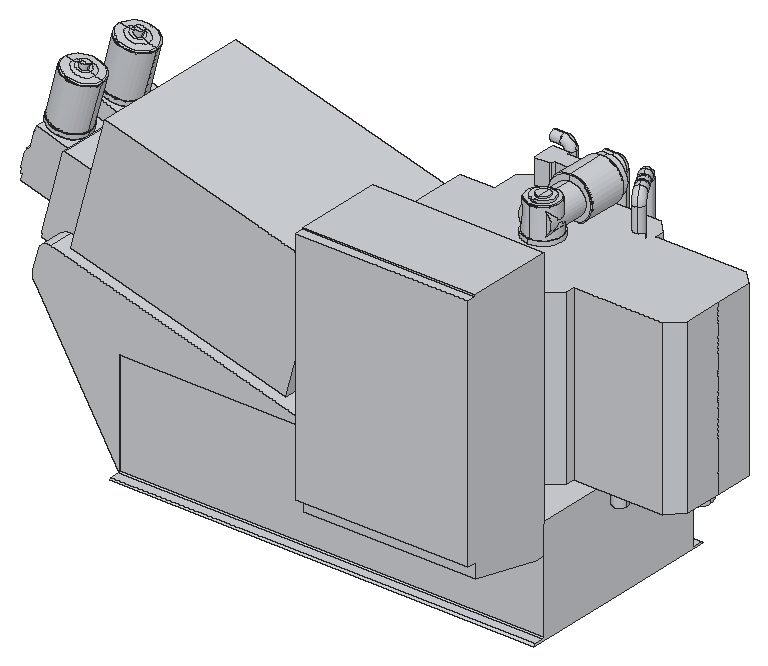
Revit family "Обезвоживатель", category Оборудование, Revit 2020
Family settings
  Размер круглого соединителя = Использовать диаметр
  Классификация = Нет
  Тип детали = Нормальный
  На основе рабочей плоскости = Нет
  Всегда вертикально = Да
  При загрузке вырезать с полостями = Нет
  Общий = Нет
  Точка расчета площади = Нет
Parameters
  Отметка по умолчанию = 0 mm
  ADSK_Примечание = ""
  ADSK_Позиция = "15"
  ADSK_Наименование = "Шнековый обезвоживатель осадка Q=1,5 м3/ч"
  ADSK_Масса_Текст = "425"
  ADSK_Завод-изготовитель = "ООО \"НПК \"Акватроник\""
  ADSK_Единица измерения = "шт."
Reference planes
  plane 1 "По центру (Вперед/Назад)": y = 0
  plane 2: z = 0
  plane 3 "По центру (Влево/Вправо)": x = 0
Forms (mm)
  Extrusion 1, solid
    sketch origin (0, 0, 0) x (0, 1, 0) y (0, 0, 1)
      loop
        line (0, 0) -> (307.672, 0) -> (302.485, 4.671) -> (274.395, 4.671) -> (270.892, 9.341) -> (270.892, 310.591) -> (0, 310.591) -> (-270.892, 310.591) -> (-270.892, 9.341) -> (-274.395, 4.671) -> (-302.485, 4.671) -> (-307.672, 0) -> (0, 0)
    from -1236.527 to 0
  Extrusion 2, solid
    sketch origin (0, 0, 0) x (1, 0, 0) y (0, 0, 1)
      loop
        line (-1236.527, 0) -> (-1236.527, 310.591) -> (-638.088, 310.591) -> (-1437.071, 524.678)
        arc (-1437.071, 524.678) -> (-1459.835, 521.681) -> (-1473.813, 503.465) r 30
        line (-1473.813, 503.465) -> (-1489.594, 444.568)
        arc (-1489.594, 444.568) -> (-1490.567, 428.642) -> (-1485.237, 413.602) r 40
        line (-1485.237, 413.602) -> (-1236.527, 0)
    from -270.892 to 270.892
  Extrusion 3, solid
    sketch origin (0, 0, 0) x (1, 0, 0) y (0, 0, 1)
      loop
        line (-1306.585, 885.069) -> (-1405.324, 516.172) -> (-777.281, 347.888) -> (-678.397, 716.929) -> (-1306.585, 885.069)
    from -238.782 to 238.782
  Extrusion 4, solid
    sketch origin (0, 0, 0) x (0, 1, 0) y (0, 0, 1)
      loop
        line (-270.892, 220.683) -> (-270.892, 1012.341) -> (-524.269, 1012.341) -> (-524.269, 1008.838) -> (-548.789, 1008.838) -> (-548.789, 312.893) -> (-520.766, 312.893) -> (-520.766, 310.591) -> (-520.766, 270.892) -> (-300.083, 220.683) -> (-270.892, 220.683)
    from -500.146 to 0
  Extrusion 5, solid
    sketch origin (0, 0, 0) x (1, 0, 0) y (0, 1, 0)
      loop
        line (-540.616, 0) -> (-540.616, -97.497) -> (-538.28, -99.833) -> (-441.367, -99.833) -> (-441.367, -175.729) -> (-400.551, -215.378) -> (-50.208, -215.429) -> (-10.509, -175.729) -> (-10.509, -150.041) -> (249.874, -150.041) -> (289.574, -110.342) -> (289.574, 0) -> (289.574, 110.342) -> (249.874, 150.041) -> (-10.509, 150.041) -> (-10.509, 175.729) -> (-50.208, 215.429) -> (-400.551, 215.378) -> (-441.367, 175.729) -> (-441.367, 99.833) -> (-538.28, 99.833) -> (-540.616, 97.497) -> (-540.616, 0)
    from 363.135 to 864.051
  Extrusion 6, solid
    sketch origin (0, 0, 0) x (1, 0, 0) y (0, 1, 0)
      loop
        circle (84.07, -99.833) r 20
    from 310.591 to 565.136
  Extrusion 7, solid
    sketch origin (0, 0, 0) x (1, 0, 0) y (0, 1, 0)
      loop
        circle (189.39, 49.739) r 40
    from 297.747 to 462.384
  Revolve 8, solid
    sketch origin (-215, 0, 0) x (0, 1, 0) y (0, 0, 1)
      loop
        line (-170.475, 900.248) -> (-170.475, 860.548) -> (-123.735, 860.548) -> (-123.735, 893.242) -> (-131.943, 900.248) -> (-170.475, 900.248)
      axis (-170.475, 900.248) -> (-170.475, 860.548)
    angle from 0 to 360
  Revolve 9, solid
    sketch origin (-220, 0, 0) x (0, 1, 0) y (0, 0, 1)
      loop
        line (0, 971.474) -> (-19.85, 971.474) -> (-19.85, 969.138) -> (-32.694, 969.138) -> (-32.694, 963.3) -> (-45.538, 963.3) -> (-45.538, 959.797) -> (-47.873, 959.797) -> (-50.208, 875.728) -> (-54.879, 875.728) -> (-54.879, 864.051) -> (0, 864.051) -> (0, 971.474)
      axis (0, 864.051) -> (0, 971.474)
    angle from 0 to 360
  Extrusion 10, solid
    sketch origin (0, 0, 25) x (1, 0, 0) y (0, 0, 1)
      loop
        line (-1509.653, 527.745) -> (-1466.289, 689.582) -> (-1566.704, 719.179) -> (-1570.471, 705.252) -> (-1572.807, 706.42) -> (-1587.347, 652.666) -> (-1594.992, 653.877) -> (-1598.872, 638.886) -> (-1600.83, 639.865) -> (-1612.506, 596.662) -> (-1610.171, 596.662) -> (-1613.674, 581.483) -> (-1607.225, 579.176) -> (-1611.384, 563.992) -> (-1608.677, 562.73) -> (-1609.003, 561.633) -> (-1523.057, 536.081) -> (-1524.243, 531.654) -> (-1509.653, 527.745)
    from -184.272 to -38.229
  Revolve 11, solid
    sketch origin (0, 107.785, 25) x (1, 0, 0) y (0, 0, 1)
      loop
        line (-1530.174, 704.859) -> (-1481.731, 885.652) -> (-1493.407, 888.571) -> (-1496.91, 873.392) -> (-1506.251, 875.727) -> (-1518.749, 875.727) -> (-1539.747, 879.43) -> (-1543.576, 877.49) -> (-1543.576, 874.248) -> (-1544.783, 874.56) -> (-1579.812, 739.114) -> (-1579.812, 737.946) -> (-1582.148, 737.946) -> (-1585.706, 725.148) -> (-1584.483, 724.789) -> (-1583.315, 720.432) -> (-1530.174, 704.859)
      axis (-1481.731, 885.652) -> (-1530.174, 704.859)
    angle from 0 to 360
  Revolve 12, solid
    sketch origin (0, -90, 25) x (1, 0, 0) y (0, 0, 1)
      loop
        line (-1530.174, 704.859) -> (-1481.731, 885.652) -> (-1493.407, 888.571) -> (-1496.91, 873.392) -> (-1506.251, 875.727) -> (-1518.749, 875.727) -> (-1539.747, 879.43) -> (-1543.576, 877.49) -> (-1543.576, 874.248) -> (-1544.783, 874.56) -> (-1579.812, 739.114) -> (-1579.812, 737.946) -> (-1582.148, 737.946) -> (-1585.706, 725.148) -> (-1584.483, 724.789) -> (-1583.315, 720.432) -> (-1530.174, 704.859)
      axis (-1481.731, 885.652) -> (-1530.174, 704.859)
    angle from 0 to 360
  Extrusion 13, solid
    sketch origin (0, 0, 25) x (1, 0, 0) y (0, 0, 1)
      loop
        line (-1509.653, 527.745) -> (-1466.289, 689.582) -> (-1566.704, 719.179) -> (-1570.471, 705.252) -> (-1572.807, 706.42) -> (-1587.347, 652.666) -> (-1594.992, 653.877) -> (-1598.872, 638.886) -> (-1600.83, 639.865) -> (-1612.506, 596.662) -> (-1610.171, 596.662) -> (-1613.674, 581.483) -> (-1607.225, 579.176) -> (-1611.384, 563.992) -> (-1608.677, 562.73) -> (-1609.003, 561.633) -> (-1523.057, 536.081) -> (-1524.243, 531.654) -> (-1509.653, 527.745)
    from 15.763 to 161.718
  Extrusion 14, solid
    sketch origin (0, 0, 25) x (1, 0, 0) y (0, 0, 1)
      loop
        line (-1355.626, 677.229) -> (-1457.048, 704.405) -> (-1463.162, 704.405) -> (-1523.766, 474.06) -> (-1523.766, 471.68) -> (-1520.216, 470.746) -> (-1522.723, 461.216) -> (-1420.823, 433.912) -> (-1355.626, 677.229)
    from -195.579 to 195.579
  Revolve 15, solid
    sketch origin (0, 100, 25) x (1, 0, 0) y (0, 0, 1)
      loop
        line (-642.2, 360.276) -> (-634.913, 382.704) -> (-636.211, 384.001) -> (-669.003, 393.404) -> (-664.051, 410.674) -> (-665.334, 411.957) -> (-673.577, 414.958) -> (-669.411, 429.487) -> (-749.655, 450.989) -> (-765.255, 392.771) -> (-642.2, 360.276)
      axis (-640.924, 359.939) -> (-765.255, 392.771)
    angle from 0 to 360
  Revolve 16, solid
    sketch origin (0, -100, 25) x (1, 0, 0) y (0, 0, 1)
      loop
        line (-642.2, 360.276) -> (-634.913, 382.704) -> (-636.211, 384.001) -> (-669.003, 393.404) -> (-664.051, 410.674) -> (-665.334, 411.957) -> (-673.577, 414.958) -> (-669.411, 429.487) -> (-749.655, 450.989) -> (-765.255, 392.771) -> (-642.2, 360.276)
      axis (-640.924, 359.939) -> (-765.255, 392.771)
    angle from 0 to 360
  Extrusion 17, solid
    sketch origin (0, 0, 25) x (1, 0, 0) y (0, 0, 1)
      loop
        line (-662.05, 478.731) -> (-739.324, 499.437) -> (-756.147, 436.651) -> (-678.873, 415.946) -> (-662.05, 478.731)
    from -140.554 to -58.669
  Extrusion 18, solid
    sketch origin (0, 0, 25) x (1, 0, 0) y (0, 0, 1)
      loop
        line (-662.05, 478.731) -> (-739.324, 499.437) -> (-756.147, 436.651) -> (-678.873, 415.946) -> (-662.05, 478.731)
    from 60.067 to 139.278
  SweptBlend 19, solid
    path origin (0, 0, 0) x (1, 0, 0) y (0, 0, 1)
      loop
        arc (-616.834, 674.608) -> (-564.846, 695.869) -> (-508.989, 689.972) r 115
    profile origin (-616.834, 0, 674.608) x (-0.593102, 0, 0.805127) y (0, -1, 0)
      loop
        circle (0, 60) r 35
    end profile origin (-508.989, 0, 689.972) x (0.344679, 0, 0.938721) y (0, -1, 0)
      loop
        circle (0, 60) r 35
  Revolve 20, solid
    sketch origin (-100, 0, 0) x (0, 1, 0) y (0, 0, 1)
      loop
        line (450.708, 210.175) -> (450.708, 242.869) -> (427.355, 242.869) -> (427.355, 259.215) -> (387.655, 259.215) -> (387.655, 252.209) -> (338.615, 252.209) -> (338.615, 259.215) -> (298.915, 259.215) -> (298.915, 242.869) -> (143.619, 242.869) -> (143.619, 210.175) -> (450.708, 210.175)
      axis (143.619, 210.175) -> (450.708, 210.175)
    angle from 0 to 360
  Extrusion 21, solid
    sketch origin (0, 0, 0) x (0, 1, 0) y (0, 0, 1)
      loop
        line (313.511, 427.409) -> (362.551, 427.409) -> (362.551, 472.409) -> (313.511, 472.409) -> (313.511, 427.409)
    from -297.747 to -242.868
  Extrusion 22, solid
    sketch origin (0, 0, 0) x (0, 1, 0) y (0, 0, 1)
      loop
        line (308.84, 409.841) -> (308.84, 396.958) -> (367.222, 396.958) -> (367.222, 409.841) -> (308.84, 409.841)
    from -302.418 to -238.198
  Revolve 23, solid
    sketch origin (-269.897, 0, 0) x (0, 1, 0) y (0, 0, 1)
      loop
        line (341.555, 427.409) -> (331.717, 427.409) -> (326.938, 425.02) -> (326.938, 421.517) -> (328.106, 420.349) -> (325.771, 420.349) -> (324.603, 414.511) -> (324.603, 409.841) -> (341.555, 409.841) -> (341.555, 427.409)
      axis (341.555, 427.409) -> (341.555, 409.841)
    angle from 0 to 360
  Sweep 24, solid
    path origin (0, 0, 0) x (1, 0, 0) y (0, 1, 0)
      loop
        line (-419.182, 337.447) -> (-212.317, 337.447)
        arc (-212.317, 337.447) -> (-198.175, 331.589) -> (-192.317, 317.447) r 20
        line (-192.317, 317.447) -> (-192.317, 277.447)
    profile origin (-315.749, 337.447, 0) x (0, 1, 0) y (0, 0, 1)
      loop
        circle (0, 385) r 15
  Sweep 25, solid
    path origin (192.601, 589.239, 192.701) x (0, 0, -1) y (0, -1, 0)
      loop
        line (-419.182, 337.447) -> (-212.317, 337.447)
        arc (-212.317, 337.447) -> (-198.175, 331.589) -> (-192.317, 317.447) r 20
        line (-192.317, 317.447) -> (-192.317, 287.447)
    profile origin (192.601, 251.792, 508.45) x (-1, 0, 0) y (0, -1, 0)
      loop
        circle (385, 0) r 15
  Sweep 26, solid
    path origin (-529.623, 637.077, 1145.116) x (0, 0, 1) y (-1, 0, 0)
      loop
        line (-533.233, -337.447) -> (-212.317, -337.447)
        arc (-212.317, -337.447) -> (-198.175, -331.589) -> (-192.317, -317.447) r 20
        line (-192.317, -317.447) -> (-192.317, -287.447)
    profile origin (-192.176, 637.077, 772.34) x (-1, 0, 0) y (0, -1, 0)
      loop
        circle (0, 385) r 15
  Extrusion 27, solid
    sketch origin (78.851, 0, 0) x (1, 0, 0) y (0, 0, 1)
      loop
        circle (-419.182, 385) r 15
    from -331.867 to -203.752
  Revolve 28, solid
    sketch origin (0, 0, 217.18) x (1, 0, 0) y (0, 1, 0)
      loop
        line (-979.647, 301.834) -> (-1027.52, 301.834) -> (-1027.52, 216.834) -> (-979.647, 216.834) -> (-979.647, 301.834)
      axis (-979.647, 216.834) -> (-979.647, 301.834)
    angle from 0 to 360
  Extrusion 29, solid
    sketch origin (0, 0, 0) x (1, 0, 0) y (0, 1, 0)
      loop
        circle (-237.22, 16.033) r 75.033
    from 94.237 to 408.673
  Revolve 30, solid
    sketch origin (-216.939, 0, 0) x (0, 1, 0) y (0, 0, 1)
      loop
        line (216.013, 917.179) -> (232.36, 917.179) -> (232.36, 974.075) -> (211.375, 974.075) -> (211.375, 977.279) -> (207.839, 980.815) -> (96.914, 980.815) -> (94.579, 978.48) -> (93.411, 963.3) -> (-33.987, 963.3) -> (-33.987, 917.179) -> (216.013, 917.179)
      axis (232.36, 917.179) -> (-33.987, 917.179)
    angle from 0 to 360
  SweptBlend 31, solid
    path origin (0, 60, 0) x (1, 0, 0) y (0, 0, 1)
      loop
        arc (-616.834, 674.608) -> (-564.846, 695.869) -> (-508.989, 689.972) r 115
    profile origin (-616.834, 60, 674.608) x (-0.593102, 0, 0.805127) y (0, -1, 0)
      loop
        circle (0, 0) r 35
    end profile origin (-508.989, 60, 689.972) x (0.344679, 0, 0.938721) y (0, -1, 0)
      loop
        circle (0, 0) r 35
  Sweep 32, solid
    path origin (102.177, 637.004, 1145.116) x (0, 0, 1) y (-0.5, 0.866025, 0)
      loop
        line (-533.233, -337.447) -> (-212.317, -337.447)
        arc (-212.317, -337.447) -> (-198.175, -331.589) -> (-192.317, -317.447) r 20
        line (-192.317, -317.447) -> (-192.317, -287.447)
    profile origin (270.9, 344.767, 772.34) x (-0.5, 0.866025, 0) y (-0.866025, -0.5, 0)
      loop
        circle (0, 385) r 16.408
  Sweep 33, solid
    path origin (379.837, 147.016, 1145.116) x (0, 0, 1) y (-0.485993, 0.873962, 0)
      loop
        line (-667.317, 337.447) -> (-212.317, 337.447)
        arc (-212.317, 337.447) -> (-198.175, 331.589) -> (-192.317, 317.447) r 20
        line (-192.317, 317.447) -> (-192.317, 287.447)
    profile origin (215.84, 441.932, 705.298) x (-0.485993, 0.873962, 0) y (-0.873962, -0.485993, 0)
      loop
        circle (0, 385) r 16.408
  Revolve 34, solid
    sketch origin (-2.844, 5.032, 952.863) x (1, 0, 0) y (0, 1, 0)
      loop
        line (-96.336, 211.127) -> (-82.641, 187.405) -> (-68.433, 195.608) -> (-81.996, 219.101) -> (-96.336, 211.127)
      axis (-96.336, 211.127) -> (-82.641, 187.405)
    angle from 0 to 360
  Revolve 35, solid
    sketch origin (-120, 0, 0) x (0, 1, 0) y (0, 0, 1)
      loop
        line (254.825, 477.798) -> (238.411, 477.798) -> (238.411, 444.87) -> (227.689, 444.87) -> (227.689, 414.511) -> (254.825, 414.511) -> (254.825, 477.798)
      axis (254.825, 477.798) -> (254.825, 414.511)
    angle from 0 to 360
  Sweep 36, solid
    path origin (-677.705, 637.706, 1145.116) x (0, 0, 1) y (-1, 0, 0)
      loop
        line (-752.317, -337.447) -> (-212.317, -337.447)
        arc (-212.317, -337.447) -> (-198.175, -331.589) -> (-192.317, -317.447) r 20
        line (-192.317, -317.447) -> (-192.317, -287.447)
    profile origin (-340.258, 637.706, 662.798) x (-1, 0, 0) y (0, -1, 0)
      loop
        circle (0, 385) r 15
  Extrusion 37, solid
    sketch origin (0, 0, 0) x (1, 0, 0) y (0, 1, 0)
      loop
        line (-353.794, 136.029) -> (-351.459, 133.694) -> (-307.088, 134.862) -> (-304.753, 138.365) -> (-302.628, 144.203) -> (-260.383, 144.203) -> (-260.383, 169.203) -> (-260.383, 194.203) -> (-302.628, 194.203) -> (-304.753, 200.041) -> (-307.088, 203.544) -> (-351.459, 204.712) -> (-353.794, 202.377) -> (-353.794, 169.203) -> (-353.794, 136.029)
    from 887.673 to 959.797
Lines and regions (mm)
  symbolic lines
    curve 1: line (-148.953, 5.254, 0) -> (-148.953, -5.254, 0)
    curve 2: line (-148.953, 0, 0) -> (-53.953, 0, 0)
Dimensions and locks
  aligned and locked: level to plane 2
Connectors
  piping at (189.39, 49.739, 297.747), diameter 80
    settings: on Extrusion 7, index 1, connector inside diameter 609.6 mm, connector length 0 mm, flow factor 0, pipe flow 0.0 L/s, pressure drop 0.0 Pa, fitting loss kfactor 0, connector angle 0.00°, fixture units 0, engagement length 0 mm, angle of deflection 0.00°, flow configuration 0, flow direction 0, fitting loss method 0, system type 29, joint type 0, gender type 0, connector reference index -1, connector utility 0, adjustable connector no, is connector primary yes, connector description ""
  piping at (84.07, -99.833, 310.591), diameter 40
    settings: on Extrusion 6, index 2, connector inside diameter 609.6 mm, connector length 0 mm, flow factor 0, pipe flow 0.0 L/s, pressure drop 0.0 Pa, fitting loss kfactor 0, connector angle 0.00°, fixture units 0, engagement length 0 mm, angle of deflection 0.00°, flow configuration 0, flow direction 0, fitting loss method 0, system type 29, joint type 0, gender type 0, connector reference index -1, connector utility 0, adjustable connector no, is connector primary no, connector description ""
  piping at (-100, 450.708, 210.175), diameter 40
    settings: on Revolve 20, index 3, connector inside diameter 609.6 mm, connector length 0 mm, flow factor 0, pipe flow 0.0 L/s, pressure drop 0.0 Pa, fitting loss kfactor 0, connector angle 0.00°, fixture units 0, engagement length 0 mm, angle of deflection 0.00°, flow configuration 0, flow direction 0, fitting loss method 0, system type 29, joint type 0, gender type 0, connector reference index -1, connector utility 0, adjustable connector no, is connector primary no, connector description ""
  piping at (-419.182, 337.447, 385), diameter 20
    settings: on Sweep 24, index 4, connector inside diameter 609.6 mm, connector length 0 mm, flow factor 0, pipe flow 0.0 L/s, pressure drop 0.0 Pa, fitting loss kfactor 0, connector angle 0.00°, fixture units 0, engagement length 0 mm, angle of deflection 0.00°, flow configuration 0, flow direction 0, fitting loss method 0, system type 29, joint type 0, gender type 0, connector reference index -1, connector utility 0, adjustable connector no, is connector primary no, connector description ""
  piping at (-979.647, 301.834, 217.18), diameter 80
    settings: on Revolve 28, index 5, connector inside diameter 609.6 mm, connector length 0 mm, flow factor 0, pipe flow 0.0 L/s, pressure drop 0.0 Pa, fitting loss kfactor 0, connector angle 0.00°, fixture units 0, engagement length 0 mm, angle of deflection 0.00°, flow configuration 0, flow direction 0, fitting loss method 0, system type 29, joint type 0, gender type 0, connector reference index -1, connector utility 0, adjustable connector no, is connector primary no, connector description ""
  piping at (-120, 254.825, 414.511), diameter 20
    settings: on Revolve 35, index 6, connector inside diameter 609.6 mm, connector length 0 mm, flow factor 0, pipe flow 0.0 L/s, pressure drop 0.0 Pa, fitting loss kfactor 0, connector angle 0.00°, fixture units 0, engagement length 0 mm, angle of deflection 0.00°, flow configuration 0, flow direction 0, fitting loss method 0, system type 29, joint type 0, gender type 0, connector reference index -1, connector utility 0, adjustable connector no, is connector primary no, connector description ""
